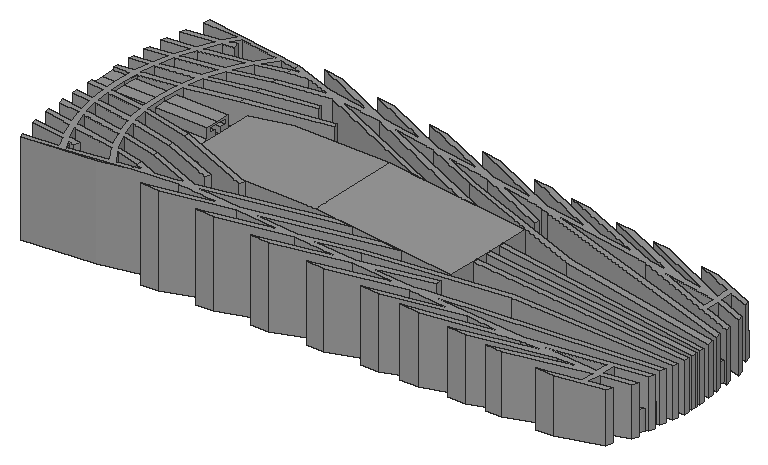
Revit family "Superstreet 340", category Осветительные приборы, Revit 2017 (continued)
Types (11, lengths in mm): name | built-in parameter 1150134 | Файл фотометрической сетки | built-in parameter 1150105 | Lumens | built-in parameter 1150106 | built-in parameter 1150142 | Wattage | built-in parameter 1150107 | Артикул
  Superstreet 340 5.0К Ш22 | 2 | "Superstreet 340-310-LLI22-5.0К-01.ies" | 2764.8 (stored number, unit not read) | 34743 lm | 27.648 (stored number, unit not read) | "ISNA:LM-63-1995\r\n[TEST]LEDEL\r\n[DATA]28.05.2018\r\n[MANUFAC]LEDEL\r\n[LUMCAT]Superstreet 340/310/Ш22/5.0K/01\r\n[LUMINAIRE]Для освещения дорог категорий А и Б, городских улиц и площадей\r\n[LAMPCAT]LED\r\n[LAMP]OSRAM OSLON SQUARE3\r\nTILT=NONE\r\n\r\n1 34743 1.044965 37 37 1 2 0.636 0.256 0.100\r\n\r\n1 1 310\r\n\r\n0 2.5 5 7.5 10 12.5 15 17.5 20 22.5 25 27.5 30 32.5 35 37.5 40 42.5 45 47.5\r\n50 52.5 55 57.5 60 62.5 65 67.5 70 72.5 75 77.5 80 82.5 85 87.5 90\r\n\r\n90 95 100 105 110 115 120 125 130 135 140 145 150 155 160 165 170 175 180\r\n 185 190 195 200 205 210 215 220 225 230 235 240 245 250 255 260 265 270\r\n\r\n  8396 8494 8554 8644 8734 8846 8944 9038 9094 9229 9387 9574 9784 10043 10377\r\n  10857 11413 11724 11533 11050 10130 7762 4877 3393 2574 1929 1366 999 781 646\r\n  511 372 271 151 106 91 53\r\n  8374 8464 8539 8584 8689 8791 8884 8974 9064 9158 9297 9484 9694 9953 10242\r\n  10658 11202 11630 11660 11293 10572 8838 5898 3791 2724 2091 1501 1062 811 676\r\n  526 387 286 192 121 91 61\r\n  8359 8464 8539 8584 8674 8779 8877 8963 9049 9139 9259 9469 9657 9893 10182\r\n  10568 11082 11589 11743 11488 10850 9400 6626 4211 2912 2214 1636 1164 886 702\r\n  548 425 301 222 136 114 61\r\n  8336 8452 8539 8584 8659 8749 8854 8936 9034 9124 9237 9413 9634 9851 10167\r\n  10553 11082 11652 11900 11672 11112 9869 7166 4486 3009 2293 1681 1194 878 706\r\n  586 447 346 249 143 106 76\r\n  8381 8467 8539 8591 8674 8756 8839 8929 9004 9094 9229 9383 9574 9833 10152\r\n  10538 11067 11671 11998 11818 11278 10244 7766 4805 3137 2331 1666 1122 841 687\r\n  541 432 316 207 128 91 61\r\n  8329 8449 8509 8569 8636 8722 8817 8884 8974 9053 9154 9319 9499 9743 10025\r\n  10400 10857 11412 11915 12002 11645 10956 9364 6445 3977 2609 1794 1224 901 721\r\n  608 481 376 282 188 136 106\r\n  8359 8460 8501 8565 8636 8719 8802 8873 8929 9038 9147 9304 9469 9702 9972\r\n  10298 10700 11265 11893 12137 11818 11170 9844 6783 3842 2391 1606 1137 878 706\r\n  593 462 331 226 143 106 91\r\n  8336 8426 8494 8554 8614 8681 8779 8812 8899 8989 9087 9229 9387 9563 9799\r\n  10076 10445 10932 11570 12129 12215 11807 11045 9307 6048 3191 1839 1288 968 781\r\n  616 481 368 249 166 121 98\r\n  8374 8452 8501 8554 8599 8674 8734 8809 8877 8974 9064 9169 9297 9469 9672\r\n  9956 10355 10770 11353 11997 12410 12257 11728 10788 8344 4416 2101 1356 1021 792\r\n  623 466 346 222 143 106 91\r\n  8344 8415 8471 8516 8569 8629 8674 8749 8809 8888 8989 9068 9169 9308 9529\r\n  9833 10190 10557 11022 11671 12395 12771 12591 11995 10595 7073 3287 1719 1163 882\r\n  676 477 331 226 151 121 98\r\n  8344 8419 8479 8497 8554 8614 8659 8719 8779 8827 8907 8978 9064 9203 9409\r\n  9686 9994 10347 10730 11228 11915 12744 13318 13262 12606 10987 7954 4344 2079 1186\r\n  848 601 428 297 218 139 121\r\n  8374 8449 8471 8505 8554 8614 8659 8719 8779 8836 8892 8974 9072 9218 9462\r\n  9731 10032 10373 10745 11217 11840 12676 13543 13926 13483 12150 9942 6855 3767 1874\r\n  1036 669 436 301 211 151 121\r\n  8374 8407 8464 8475 8494 8550 8584 8644 8704 8737 8787 8839 8959 9094 9327\r\n  9596 9882 10208 10602 11085 11593 12215 12913 13648 13889 13128 11435 9131 6513 3784\r\n  1816 894 518 339 218 174 136\r\n  8374 8407 8449 8475 8494 8509 8569 8614 8659 8681 8734 8797 8884 9053 9297\r\n  9548 9822 10148 10535 10973 11450 11937 12455 12988 13416 13379 12463 10759 8606 5863\r\n  3309 1544 691 391 278 211 166\r\n  8374 8389 8419 8449 8464 8482 8539 8569 8614 8617 8651 8722 8832 8978 9207\r\n  9454 9717 10016 10400 10815 11308 11817 12328 12804 13131 13187 12778 11726 10032 7412\r\n  4637 2294 931 447 286 222 188\r\n  8374 8389 8404 8419 8449 8464 8494 8539 8546 8554 8599 8674 8802 8959 9162\r\n  9398 9679 9998 10370 10755 11240 11776 12380 12988 13446 13521 13146 12273 10775 8006\r\n  4697 1987 796 421 271 207 151\r\n  8374 8397 8389 8404 8404 8426 8464 8490 8486 8509 8546 8625 8719 8873 9057\r\n  9259 9529 9833 10197 10595 11067 11611 12238 12909 13483 13746 13453 12483 10857 8029\r\n  4465 1852 751 414 286 211 188\r\n  8381 8389 8374 8374 8374 8392 8411 8419 8419 8452 8479 8557 8674 8824 8989\r\n  9203 9454 9728 10077 10478 10940 11472 12073 12657 13116 13232 12741 11471 9529 6505\r\n  3249 1307 616 387 278 211 181\r\n  8381 8377 8359 8344 8344 8344 8359 8344 8344 8374 8404 8467 8569 8719 8877\r\n  9064 9312 9596 9934 10313 10775 11280 11818 12324 12606 12512 11833 10529 8651 5912\r\n  3084 1296 616 379 278 211 196\r\n  8381 8374 8336 8310 8284 8254 8246 8242 8216 8209 8216 8254 8306 8404 8539\r\n  8697 8899 9151 9439 9774 10137 10524 10902 11237 11338 11097 10445 9378 7954 6106\r\n  4090 2277 1111 541 293 196 128\r\n  8374 8344 8306 8284 8239 8197 8179 8149 8104 8085 8089 8096 8141 8209 8291\r\n  8419 8614 8806 9042 9301 9544 9777 9949 9979 9769 9311 8539 7566 6356 4823\r\n  3249 1947 1021 488 271 181 128\r\n  8374 8317 8284 8239 8201 8149 8104 8059 7999 7957 7961 7954 7954 7980 8044\r\n  8130 8239 8374 8509 8644 8749 8794 8749 8632 8359 7901 7316 6554 5575 4201\r\n  2792 1692 908 439 256 181 136\r\n  8374 8314 8254 8209 8141 8085 8029 7969 7901 7834 7789 7744 7729 7729 7736\r\n  7789 7811 7867 7916 7924 7916 7834 7684 7447 7098 6674 6085 5240 4262 3082\r\n  1906 1061 593 316 203 139 121\r\n  8374 8314 8239 8171 8089 8044 7961 7882 7804 7710 7616 7549 7496 7473 7443\r\n  7398 7398 7413 7391 7327 7211 7038 6806 6528 6175 5691 4960 4084 3107 2059\r\n  1163 679 436 274 188 139 106\r\n  8374 8299 8224 8145 8059 7984 7886 7789 7669 7552 7443 7349 7293 7233 7166\r\n  7117 7076 7023 6911 6760 6558 6321 6055 5733 5275 4588 3782 2859 1966 1283\r\n  788 526 368 256 181 132 106\r\n  8374 8299 8209 8119 8029 7909 7811 7702 7556 7420 7308 7203 7128 7053 6978\r\n  6903 6813 6712 6551 6340 6115 5853 5568 5211 4600 3789 2852 1980 1321 874\r\n  623 462 331 233 181 109 106\r\n  8344 8277 8164 8062 7961 7834 7714 7564 7443 7308 7173 7068 6978 6903 6828\r\n  6727 6581 6408 6183 5958 5710 5448 5140 4689 3910 2934 2026 1358 916 694\r\n  526 391 293 211 151 106 91\r\n  8344 8254 8149 8032 7916 7789 7639 7488 7338 7222 7098 7016 6896 6813 6723\r\n  6618 6416 6168 5935 5688 5403 5121 4757 4123 3182 2213 1509 1054 811 634\r\n  511 376 271 192 121 106 91\r\n  8374 8284 8164 8044 7894 7744 7594 7443 7301 7180 7076 6963 6873 6783 6678\r\n  6532 6311 6066 5815 5553 5290 4993 4630 4032 3039 2018 1374 983 781 631\r\n  511 376 271 196 136 106 76\r\n  8336 8242 8126 7995 7849 7675 7519 7383 7248 7143 7046 6952 6873 6760 6633\r\n  6415 6198 5920 5658 5406 5140 4806 4330 3586 2582 1688 1186 889 736 604\r\n  473 361 256 181 128 94 91\r\n  8359 8239 8119 7972 7826 7642 7481 7327 7226 7128 7046 6963 6903 6798 6641\r\n  6438 6198 5920 5673 5406 5125 4731 4232 3549 2642 1763 1193 886 721 601\r\n  473 361 271 181 121 106 91\r\n  8329 8201 8081 7931 7774 7579 7413 7293 7188 7094 7038 6963 6888 6783 6588\r\n  6393 6160 5920 5680 5391 5035 4566 3925 3136 2289 1538 1043 799 661 533\r\n  443 323 226 181 121 102 91\r\n  8381 8254 8126 7984 7811 7627 7458 7308 7211 7132 7076 7023 6948 6835 6663\r\n  6457 6235 6010 5800 5500 5133 4629 3932 3091 2221 1496 1043 799 646 526\r\n  421 316 241 181 121 94 76\r\n  8336 8224 8074 7909 7751 7555 7391 7278 7173 7128 7068 7038 6948 6828 6656\r\n  6457 6281 6108 5860 5553 5155 4629 3880 3027 2154 1433 1013 799 646 526\r\n  406 301 241 151 121 91 76\r\n  8359 8224 8074 7924 7751 7552 7391 7282 7203 7158 7113 7065 6986 6862 6663\r\n  6487 6303 6123 5868 5571 5178 4588 3805 2896 2026 1328 983 781 631 488\r\n  383 286 218 157 106 94 76\r\n  8374 8227 8104 7954 7759 7567 7406 7305 7218 7162 7136 7083 7031 6907 6746\r\n  6588 6408 6250 5988 5721 5350 4794 4000 3061 2124 1391 991 799 661 522\r\n  421 301 226 151 121 91 61\r\n  8396 8261 8134 7972 7811 7627 7443 7320 7226 7180 7128 7090 7053 6952 6783\r\n  6588 6453 6285 6040 5781 5463 4952 4187 3241 2289 1493 1043 818 676 541\r\n  421 316 241 181 121 91 91\r\n\r\n" | 233.894 W | 5000 (stored number, unit not read) | ""
